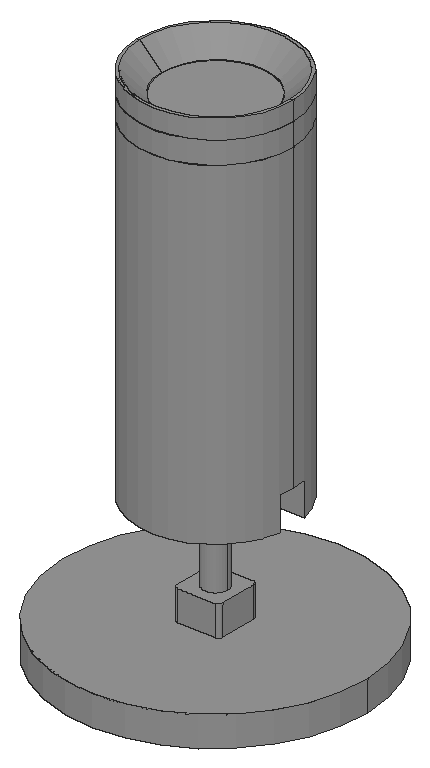
Revit family "Alcon-13313-M-Linear_Cylider", category Generic Models, host Face, Revit 2023
Family settings
  Host = Face
  Can host rebar = No
  Round Connector Dimension = Use Diameter
  Part Type = Normal
  Cut with Voids When Loaded = No
  Maintain Annotation Orientation = No
  Shared = No
  Room Calculation Point = No
Parameters
  URL = "https://www.alconlighting.com/"
  Square Canopy = no
  Round Canopy = yes
  Product Page = "https://www.alconlighting.com/13313-m.html"
  Model = "13313-M"
  Manufacturer = "Alcon Lighting"
  Housing = Housing
  Fixture Rotation = 90.00°
  Default Elevation = 4' - 0"
Reference planes (in)
  plane 1 "Center (Front/Back)": y = 0
  plane 2: z = 0
  plane 3 "Center (Left/Right)": x = 0
Forms (in)
  Extrusion 1, solid, material "Housing" <- "Housing"
    sketch origin (-0.375, 0, 0.5) x (1, 0, 0) y (0, 1, 0)
      loop
        arc (0.0625, 0.375) -> (0.01831, 0.35669) -> (0, 0.3125) r 0.0625
        line (0, 0.3125) -> (0, -0.3125)
        arc (0, -0.3125) -> (0.01831, -0.35669) -> (0.0625, -0.375) r 0.0625
        line (0.0625, -0.375) -> (0.6875, -0.375)
        arc (0.6875, -0.375) -> (0.73169, -0.35669) -> (0.75, -0.3125) r 0.0625
        line (0.75, -0.3125) -> (0.75, 0.3125)
        arc (0.75, 0.3125) -> (0.73169, 0.35669) -> (0.6875, 0.375) r 0.0625
        line (0.6875, 0.375) -> (0.0625, 0.375)
    from 0 to 0.5
  Extrusion 2, solid, material "Housing" <- "Housing"
    sketch origin (-0.35788, 0.03018, 1) x (1, 0, 0) y (0, 1, 0)
      loop
        circle (0.35788, -0.03018) r 0.2038
    from 0 to 1.81641
  Extrusion 3, solid, material "Housing" <- "Housing", visible <- "Round Canopy"
    sketch origin (-0.375, 0, 0) x (1, 0, 0) y (0, 1, 0)
      loop
        circle (0.375, 0) r 2.5
    from 0 to 0.5
  Extrusion 4, solid, material "Housing" <- "Housing", visible <- "Square Canopy"
    sketch origin (0, 0, 0) x (1, 0, 0) y (0, 1, 0)
      loop
        line (-2.125, -2.3125) -> (2.125, -2.3125)
        arc (2.125, -2.3125) -> (2.25758, -2.25758) -> (2.3125, -2.125) r 0.1875
        line (2.3125, -2.125) -> (2.3125, 2.125)
        arc (2.3125, 2.125) -> (2.25758, 2.25758) -> (2.125, 2.3125) r 0.1875
        line (2.125, 2.3125) -> (-2.125, 2.3125)
        arc (-2.125, 2.3125) -> (-2.25758, 2.25758) -> (-2.3125, 2.125) r 0.1875
        line (-2.3125, 2.125) -> (-2.3125, -2.125)
        arc (-2.3125, -2.125) -> (-2.25758, -2.25758) -> (-2.125, -2.3125) r 0.1875
    from 0 to 0.5
Lines and regions (in)
  reference lines
    curve 1: line (-6.0292, 0, 2.70703) -> (5.4708, 0, 2.70703)
Dimensions and locks (in)
  "Fixture Rotation": angle curve 1 to nested 1
  aligned and locked: plane 2 to host face
  aligned and locked: level to host face
Automatic sketch dimensions
  host sketch curve to host sketch curve = 8' - 0"  (x2)
  Extrusion 2 sketch curve to Extrusion 1 = 0' - 0 3/8"  (x2)
  level to curve 1 = 0' - 2 181/256"
  curve 1 to plane 3 "Center (Left/Right)" = 0' - 6.0292"
  plane 3 "Center (Left/Right)" to curve 1 = 0' - 5.4708"
  plane 1 "Center (Front/Back)" to Extrusion 3 sketch curve = 0' - 0"
  Extrusion 3 sketch curve to plane 3 "Center (Left/Right)" = 0' - 0"
  Extrusion 4 sketch curve to plane 1 "Center (Front/Back)" = 0' - 2 1/8"  (x2)
  Extrusion 4 sketch curve to plane 3 "Center (Left/Right)" = 0' - 2 5/16"
  Extrusion 4 sketch curve to Extrusion 4 sketch curve = 0' - 0 3/16"  (x2)
  plane 3 "Center (Left/Right)" to Extrusion 4 sketch curve = 0' - 2 1/8"  (x2)
  plane 1 "Center (Front/Back)" to Extrusion 4 sketch curve = 0' - 2 1/8"
  Extrusion 1 sketch curve to Extrusion 1 sketch curve = 0' - 0 1/16"  (x3)
  Extrusion 1 sketch curve to Extrusion 1 sketch curve = 0' - 0 5/8"  (x3)
  radius of Extrusion 2 sketch curve = 0' - 0.2038"
  radius of Extrusion 3 sketch curve = 0' - 2 1/2"
Nested families (in)
  nested 1: "Alcon-13313-Linear-Cylider" at (0, 0, 2.70703) x (0, 0, -1) z (0, -1, 0), type "Alcon-13313-Linear-Cylider"
    with built-in parameter 1001306 0.26106 (stored number, unit not read)
  nested 2: "Alcon-13313-Linear-IES" at (0, 0, 8.20703), type "Alcon-13313-Linear-IES"
Definition of nested family "Alcon-13313-Linear-Cylider"
  Parameters (values of type "Alcon-13313-Linear-Cylider")
    Translucent Lens = none
    built-in parameter 1001306 [instance] = 4' - 0"
    Housing = none
    Default Elevation = 0' - 0"
  Reference planes (in)
    plane 1 "Center (Front/Back)": y = 0
    plane 2: z = 0
    plane 3 "Left": x = 0
    plane 4 "Right": x = 48
  Forms (in)
    Revolve 1, solid, material <- "Housing"
      sketch origin (0, 0, 0) x (1, 0, 0) y (0, 1, 0)
        loop
          line (0.39453, 0) -> (0.39453, 1.28125) -> (-5.16406, 1.28125) -> (-5.16406, 1.23437) -> (-5.54297, 1.23437) -> (-5.54297, 1.28125) -> (-5.85547, 1.28125) -> (-5.85547, 1.23437) -> (-5.5, 0.87891) -> (-4.75391, 0.87891) -> (-4.75391, 0) -> (0.39453, 0)
        loop
          line (-5.53516, 1.24219) -> (-5.17187, 1.24219) -> (-5.17187, 1.28125) -> (-5.53516, 1.28125) -> (-5.53516, 1.24219)
        axis (0.39453, 0) -> (-5.85547, 0)
      angle from 0 to 360
    Extrusion 2, solid, material <- "Translucent Lens"
      sketch origin (-4.75391, 0, 0) x (0, 1, 0) y (0, 0, -1)
        loop
          circle (0, 0) r 0.87891
      from 0.65397 to 0.74609
    Extrusion 3, void
      sketch origin (0, 0, 0) x (1, 0, 0) y (0, 0, 1)
        loop
          line (-0.16016, -0.25586) -> (0.39453, -0.25586) -> (0.39453, 0.25586) -> (-0.16016, 0.25586) -> (-0.16016, -0.25586)
      from -1.3125 to 0.26953
  Cuts and joins
    Extrusion 3 cuts Revolve 1
  Lines and regions (in)
    reference lines
      curve 1: line (0, 0, 0) -> (48, 0, 0)
    model lines
      curve 2: line (0, 0, 0) -> (-33.5, 0, 0)
  Dimensions and locks (in)
    "built-in parameter 1001306": plane 3 "Left" to plane 4 "Right"
    aligned and locked: plane 4 "Right" to curve 1
    aligned and locked: plane 1 "Center (Front/Back)" to curve 1
    aligned and locked: plane 3 "Left" to curve 1
    aligned and locked: level to plane 2
  Automatic sketch dimensions
    plane 1 "Center (Front/Back)" to Revolve 1 sketch curve = 0' - 0"  (x2)
    Revolve 1 sketch curve to plane 1 "Center (Front/Back)" = 0' - 1 9/32"
    Revolve 1 sketch curve to plane 3 "Left" = 0' - 5 219/256"
    Revolve 1 sketch curve to Revolve 1 sketch curve = 0' - 0 5/16"
    Revolve 1 sketch curve to Revolve 1 sketch curve = 0' - 0 1/128"  (x3)
    Revolve 1 sketch curve to plane 1 "Center (Front/Back)" = 0' - 0 225/256"
    Revolve 1 sketch curve to Revolve 1 sketch curve = 0' - 0 11/256"
    Revolve 1 sketch curve to Revolve 1 sketch curve = 0' - 0 93/256"
    Revolve 1 sketch curve to Revolve 1 sketch curve = 0' - 0 191/256"
    plane 3 "Left" to Revolve 1 sketch curve = 0' - 0 101/256"
    Revolve 1 sketch curve to Revolve 1 sketch curve = 0' - 0 3/64"  (x2)
    Revolve 1 sketch curve to Revolve 1 sketch curve = 0' - 0 5/128"
    Revolve 1 sketch curve to Revolve 1 sketch curve = 0' - 0"
    Revolve 1 sketch curve to Revolve 1 sketch curve = 0' - 0.5597"
    Revolve 1 sketch curve to Revolve 1 sketch curve = 0' - 0.14376"
    Extrusion 3 sketch curve to plane 3 "Left" = 0' - 0 41/256"
    plane 3 "Left" to Extrusion 3 sketch curve = 0' - 0 101/256"
    Extrusion 3 sketch curve to level = 0' - 0.25586"
    level to Extrusion 3 sketch curve = 0' - 0.25586"
    plane 1 "Center (Front/Back)" to curve 2 = 0' - 0"
    curve 2 to plane 3 "Left" = 0' - 0"
    curve 2 to curve 2 = 2' - 9 1/2"
    radius of Extrusion 2 sketch curve to Revolve 1 = 0' - 0"
Definition of nested family "Alcon-13313-Linear-IES"
  Parameters (values of type "Alcon-13313-Linear-IES")
    Wattage = 9.2903 W
    built-in parameter 1150110 = 1 (stored number, unit not read)
    built-in parameter 1114217 = 1 (stored number, unit not read)
    Tilt Angle = -90.00°
    built-in parameter 1150109 = 1 (stored number, unit not read)
    built-in parameter 1150134 = 3
    built-in parameter 1150113 = 1 (stored number, unit not read)
    built-in parameter 1010507 = 1.5708 (stored number, unit not read)
    built-in parameter 1010506 = 0.5236 (stored number, unit not read)
    built-in parameter 1150105 = 4614.1 (stored number, unit not read)
    Lumens = 1380 lm
    built-in parameter 1150115 = 1 (stored number, unit not read)
    Light Source Symbol Length = 1' - 0"
    built-in parameter 1150137 = (empty or 0)
    built-in parameter 1150139 = (empty or 0)
    built-in parameter 1150112 = 1 (stored number, unit not read)
    built-in parameter 1150114 = 1 (stored number, unit not read)
    built-in parameter 1150132 = 2
    built-in parameter 1150102 = (empty or 0)
    built-in parameter 1150107 = 3200 (stored number, unit not read)
    built-in parameter 1150138 = (empty or 0)
    built-in parameter 1150106 = 46.141 (stored number, unit not read)
    Emit from Circle Diameter = 0' - 1 97/128"
    Emit Shape Visible in Rendering = yes
    built-in parameter 1150104 = 13.8 (stored number, unit not read)
    Dimming Lamp Color Temperature Shift = (empty or 0)
    Default Elevation = 4' - 0"
    Color Filter = 16777215
    built-in parameter 1114218 = 1 (stored number, unit not read)
    built-in parameter 1150133 = 10 (stored number, unit not read)
  Reference planes (in)
    plane 1 "Center (Front/Back)": y = 0
    plane 2: z = 0
    plane 3 "Center (Left/Right)": x = 0
  Forms (in)
    Extrusion 1, solid
      sketch origin (0, 0, 0) x (1, 0, 0) y (0, 1, 0)
        loop
          line (-48, 48) -> (-48, -48) -> (48, -48) -> (48, 48) -> (-48, 48)
      from 0 to -12
  Dimensions and locks (in)
    aligned and locked: plane 2 to Extrusion 1
    aligned and locked: level to Extrusion 1
